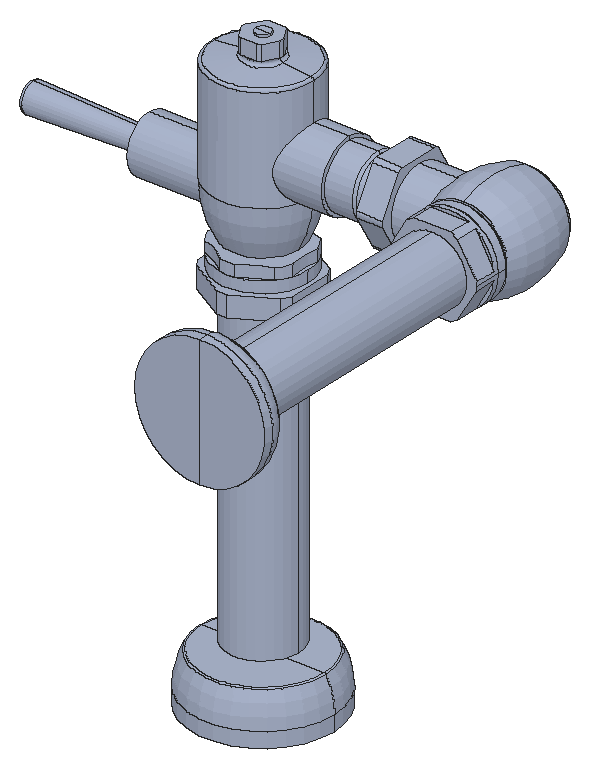
Revit family "EDE-GRF-INS- Fluxómetro Briggs Premium Inodoro", category Aparatos sanitarios, Revit 2019
Family settings
  Anfitrión = Muro
  Cota de conector redondo = Diámetro de uso
  Tipo de pieza = Normal
  Número OmniClass = 23.45.00.00
  Título OmniClass = Sanitary, Laundry, and Cleaning Equipment
  Siempre vertical = Sí
  Corte con vacíos al cargar = No
  Compartido = No
  Punto de cálculo de habitación = No
Parameters (values of type "Fluxómetro Briggs Premium Inodoro")
  _EDESA_ Materiales = "Latón"
  _EDESA_ Garantía = "De por vida para el cuerpo principal y acabado en cromo (306)"
  _EDESA_ Cumple normativa ADA = ""
  _EDESA_ Conexión hidráulica = "Entrada de agua: tubería ø 1\""
  _EDESA_ Tipo de instalación = "Entrada superior de inodoro"
  _EDESA_ Sku/código = "SG0075803061CW"
  _EDESA_ Manual de Instalación = "https://www.briggs.com.ec/productos/instructivos/Briggs/Griferia/Fluxometro_Briggs_premium.pdf"
  _EDESA_ Profundidad en cm = "23.8"
  _EDESA_ Productos necesarios para instalación = ""
  _EDESA_ Productos incluídos = "Cobertor para la pared y spud"
  _EDESA_ Peso en kg = "15.3 kg"
  _EDESA_ Nombre = "Fluxómetro Briggs Premium Inodoro"
  _EDESA_ Distancia de instalación en cm (muro terminado) = ""
  _EDESA_ Descripción = "Fluxómetro para tazas de entrada superior, de gran duración y cierre hermético, resistentes para lugares de alto tráfico."
  _EDESA_ Contacto comercial = "(02) 395 2900"
  _EDESA_ Consumo/capacidad de agua en L = "4.8 litros por descarga"
  _EDESA_ Color = "cromo"
  _EDESA_ Certificación = "Cumple con la norma ASME A112.1037 - 2015 / CSA B125.37-15 Performance requirements for pressurized flushing devices for plumbing fixtures."
  _EDESA_ Categoría = "Productos > Grifería > Institucional"
  _EDESA_ BIM Manager = "Arq. Milton Ruano"
  _EDESA_ Autor BIM = "www.bimplus.com.ec (bimplus.arquitectura.integrada@gmail.com)"
  _EDESA_ Ancho en cm = "28.2"
  _EDESA_ Alto en cm = "36"
  _ALT_Eje = 0.75 m
  URL = "https://www.briggs.com.ec/productos/fichastecnicaspdf/Briggs/Institucional/Fluxometro_Briggs_premium_inodoro.pdf"
  Modelo = "Fluxómetro Briggs Premium Inodoro"
  Fabricante = "BRIGGS ECUADOR"
Reference planes (m)
  plane 1: y = 0
  plane 2 "Centro (Izquierda/Derecha)": x = 0.125
  plane 3 "Posterior": y = 0.18
  plane 4 "_RP_Eje ubicación": z = 0.854659
  plane 5 "_RP_Eje ubicación3": z = 1.630936
  plane 6 "_RP_Eje ubicación7": z = 0.75
  plane 7 "_RP_Eje ubicación8": z = 0.495341
Text (m)
  text "Cara de colocación" at (-1.787139, 0.59235, 0), in view "Nivel de referencia"
  text "Cara de colocación" at (0, 1.827695, 2.917686), in view "Izquierda"
  text "Cara de colocación" at (0, 0.562268, 3.853606), in view "Derecha"
Dimensions and locks (m)
  locked: plane 3 "Posterior" to host wall at 0
  "_ALT_Eje": plane 6 "_RP_Eje ubicación7" to level
  nested 1 to level = 0.5315 m
  aligned and locked: nested 1 to plane 2 "Centro (Izquierda/Derecha)"
  aligned and locked: nested 1 to plane 3 "Posterior"
Nested families (m)
  nested 1: "Fluxómetro Briggs inodoro" at (0.125, 0.37605, 0.8) x (-1, 0, 0) z (0, 0, 1), type "Fluxómetro Briggs inodoro"
Connectors (m)
  piping at (0.125, 0.18, 0.8), diameter 0.0254
    settings: on nested 1, index 1, connector inside diameter 609.6 mm, connector length 0.00 m, flow factor 0, pipe flow 0.2 L/s, pressure drop 0.0 Pa, fitting loss kfactor 0, connector angle 0.00°, fixture units 0, engagement length 0.00 m, angle of deflection 0.00°, flow configuration 0, flow direction 1, fitting loss method 2, system type 7, joint type 0, gender type 0, connector reference index -1, connector utility 0, adjustable connector no, is connector primary yes, connector description ""
Definition of nested family "Fluxómetro Briggs inodoro"
  Reference planes (m)
    plane 1 "Centro (Frontal/Posterior)": y = 0
    plane 2: z = 0
    plane 3 "Centro (Izquierda/Derecha)": x = 0
    plane 4 "_eje1": x = 0.1233
  Forms (m)
    Revolve 1, solid
      sketch origin (0, 0, 0) x (0, 1, 0) y (0, 0, 1)
        loop
          line (0.19605, 0) -> (0.19605, 0.03475) -> (0.19105, 0.03475)
          arc (0.19105, 0.03475) -> (0.187135, 0.034103) -> (0.183636, 0.03223) r 0.012167
          arc (0.183636, 0.03223) -> (0.183204, 0.031704) -> (0.18305, 0.031041) r 0.0015
          line (0.18305, 0.031041) -> (0.18305, 0.018) -> (0.04105, 0.018) -> (0.04105, 0) -> (0.19605, 0)
        loop
          line (-0.020654, 0.023498) -> (-0.020654, 0.022498) -> (-0.02365, 0.02125) -> (-0.02365, 0) -> (0.02205, 0) -> (0.02205, 0.021)
          arc (0.02205, 0.021) -> (0.020989, 0.021439) -> (0.02055, 0.0225) r 0.0015
          line (0.02055, 0.0225) -> (0.02055, 0.0235)
          arc (0.02055, 0.0235) -> (-0.000052, 0.0275) -> (-0.020654, 0.023498) r 0.055045
        axis (0.19605, 0) -> (-0.02365, 0)
      angle from 0 to 360
    Revolve 2, solid
      sketch origin (0, 0, 0) x (1, 0, 0) y (0, 0, 1)
        loop
          line (0.1233, -0.2685) -> (0.1233, -0.2425) -> (0.090631, -0.2425)
          arc (0.090631, -0.2425) -> (0.090125, -0.242637) -> (0.089758, -0.243012) r 0.001
          arc (0.089758, -0.243012) -> (0.086358, -0.251464) -> (0.0852, -0.2605) r 0.035827
          line (0.0852, -0.2605) -> (0.0852, -0.2685) -> (0.1233, -0.2685)
        loop
          line (0.1043, -0.0722) -> (0.1043, -0.2375) -> (0.1233, -0.2375) -> (0.1233, -0.0722) -> (0.1043, -0.0722)
        loop
          arc (0.0963, -0.017) -> (0.098274, -0.031465) -> (0.10405, -0.044874) r 0.054
          line (0.10405, -0.044874) -> (0.1233, -0.044874) -> (0.1233, 0.043911) -> (0.113126, 0.043911)
          arc (0.113126, 0.043911) -> (0.114111, 0.042243) -> (0.112629, 0.040995) r 0.0015
          arc (0.112629, 0.040995) -> (0.105173, 0.04026) -> (0.097708, 0.03963) r 0.537308
          arc (0.097708, 0.03963) -> (0.096724, 0.039155) -> (0.096324, 0.038137) r 0.0015
          line (0.096324, 0.038137) -> (0.096222, -0.0169)
        loop
          line (0.1233, 0.047263) -> (0.1233, 0.052788) -> (0.119384, 0.052788) -> (0.119384, 0.047263) -> (0.1233, 0.047263)
        axis (0.1233, 0.052788) -> (0.1233, -0.2685)
      angle from 0 to 360
    Revolve 3, solid
      sketch origin (0, 0, 0) x (1, 0, 0) y (0, 0, 1)
        loop
          line (0.0773, 0.0185) -> (0.0773, 0.01675) -> (0.062, 0.01675) -> (0.061, 0.01575) -> (0.06, 0.01675) -> (0.057, 0.01675) -> (0.056, 0.01575) -> (0.055, 0.01675) -> (0.054001, 0.01675) -> (0.054001, 0) -> (0.1233, 0) -> (0.1233, 0.0185) -> (0.0773, 0.0185)
        loop
          line (0, 0) -> (0.04, 0) -> (0.04, 0.0191) -> (0, 0.0191) -> (0, 0)
        axis (0, 0) -> (0.1233, 0)
      angle from 0 to 360
    Revolve 4, solid
      sketch origin (0, 0, 0) x (1, 0, 0) y (0, 0, 1)
        loop
          line (0.247435, -0.022) -> (0.1233, -0.022) -> (0.1233, -0.037) -> (0.1837, -0.037) -> (0.1837, -0.030727)
          arc (0.1837, -0.030727) -> (0.186158, -0.029701) -> (0.188208, -0.028) r 0.009
          line (0.188208, -0.028) -> (0.24537, -0.029865)
          arc (0.24537, -0.029865) -> (0.246826, -0.029303) -> (0.247435, -0.027866) r 0.002
          line (0.247435, -0.027866) -> (0.247435, -0.022)
        axis (0.1233, -0.022) -> (0.247435, -0.022)
      angle from 0 to 360
    Extrusion 5, solid
      sketch origin (0, 0, 0) x (1, 0, 0) y (0, 1, 0)
        loop
          line (0.129386, 0.008235) -> (0.127373, 0.0094) -> (0.119227, 0.0094) -> (0.117214, 0.008235)
          arc (0.117214, 0.008235) -> (0.115184, 0.004691) -> (0.11313, 0.001161) r 0.61814
          line (0.11313, 0.001161) -> (0.11313, -0.001161)
          arc (0.11313, -0.001161) -> (0.115184, -0.004691) -> (0.117214, -0.008235) r 0.61814
          line (0.117214, -0.008235) -> (0.119227, -0.0094) -> (0.127373, -0.0094) -> (0.129386, -0.008235)
          arc (0.129386, -0.008235) -> (0.131416, -0.004691) -> (0.13347, -0.001161) r 0.61814
          line (0.13347, -0.001161) -> (0.13347, 0.001161)
          arc (0.13347, 0.001161) -> (0.131416, 0.004691) -> (0.129386, 0.008235) r 0.61814
      from 0.04389 to 0.051975
    Extrusion 6, void
      sketch origin (0, 0, 0) x (1, 0, 0) y (0, 1, 0)
        loop
          arc (0.100649, -0.008328) -> (0.101536, 0) -> (0.100649, 0.008328) r 0.039536
          line (0.100649, 0.008328) -> (0.095481, 0.008328) -> (0.095481, -0.008328) -> (0.100649, -0.008328)
      from -0.0592 to -0.0471
    Extrusion 7, solid
      sketch origin (0, 0, 0) x (1, 0, 0) y (0, 1, 0)
        loop
          circle (0.1233, 0) r 0.027753
      from -0.0712 to -0.0602
    Extrusion 8, solid
      sketch origin (0, 0, 0) x (1, 0, 0) y (0, 1, 0)
        loop
          circle (0.1233, 0) r 0.024133
      from -0.0531 to -0.0471
    Extrusion 9, void
      sketch origin (0.06165, 0.106781, 0) x (0.5, -0.866025, 0) y (0.866025, 0.5, 0)
        loop
          arc (0.100649, -0.008328) -> (0.101536, 0) -> (0.100649, 0.008328) r 0.039536
          line (0.100649, 0.008328) -> (0.095481, 0.008328) -> (0.095481, -0.008328) -> (0.100649, -0.008328)
      from -0.0592 to -0.0471
    Extrusion 10, void
      sketch origin (0.06165, -0.106781, 0) x (0.5, 0.866025, 0) y (-0.866025, 0.5, 0)
        loop
          arc (0.100649, -0.008328) -> (0.101536, 0) -> (0.100649, 0.008328) r 0.039536
          line (0.100649, 0.008328) -> (0.095481, 0.008328) -> (0.095481, -0.008328) -> (0.100649, -0.008328)
      from -0.0592 to -0.0471
    Extrusion 11, void
      sketch origin (0.18495, -0.106781, 0) x (-0.5, 0.866025, 0) y (-0.866025, -0.5, 0)
        loop
          arc (0.100649, -0.008328) -> (0.101536, 0) -> (0.100649, 0.008328) r 0.039536
          line (0.100649, 0.008328) -> (0.095481, 0.008328) -> (0.095481, -0.008328) -> (0.100649, -0.008328)
      from -0.0592 to -0.0471
    Extrusion 12, void
      sketch origin (0.2466, 0, 0) x (-1, 0, 0) y (0, -1, 0)
        loop
          arc (0.100649, -0.008328) -> (0.101536, 0) -> (0.100649, 0.008328) r 0.039536
          line (0.100649, 0.008328) -> (0.095481, 0.008328) -> (0.095481, -0.008328) -> (0.100649, -0.008328)
      from -0.0592 to -0.0471
    Extrusion 13, void
      sketch origin (0.18495, 0.106781, 0) x (-0.5, -0.866025, 0) y (0.866025, -0.5, 0)
        loop
          arc (0.100649, -0.008328) -> (0.101536, 0) -> (0.100649, 0.008328) r 0.039536
          line (0.100649, 0.008328) -> (0.095481, 0.008328) -> (0.095481, -0.008328) -> (0.100649, -0.008328)
      from -0.0592 to -0.0471
    Extrusion 14, solid
      sketch origin (0, 0, 0) x (1, 0, 0) y (0, 1, 0)
        loop
          circle (0.1233, 0) r 0.024133
      from -0.0592 to -0.0531
    Extrusion 15, void
      sketch origin (0, 0, 0) x (1, 0, 0) y (0, 1, 0)
        loop
          line (0.148537, 0.01457) -> (0.1233, 0.029141) -> (0.098063, 0.01457) -> (0.098063, -0.01457) -> (0.1233, -0.029141) -> (0.148537, -0.01457) -> (0.148537, 0.01457)
        loop
          line (0.1233, 0.034914) -> (0.093063, 0.017457) -> (0.093063, -0.017457) -> (0.1233, -0.034914) -> (0.153537, -0.017457) -> (0.153537, 0.017457) -> (0.1233, 0.034914)
      from -0.0712 to -0.0602
    Extrusion 16, solid
      sketch origin (0, 0, 0) x (0, 1, 0) y (0, 0, 1)
        loop
          line (-0.023925, -0.0015) -> (-0.013262, -0.01997)
          arc (-0.013262, -0.01997) -> (-0.012164, -0.021068) -> (-0.010664, -0.02147) r 0.003
          line (-0.010664, -0.02147) -> (0.010664, -0.02147)
          arc (0.010664, -0.02147) -> (0.012164, -0.021068) -> (0.013262, -0.01997) r 0.003
          line (0.013262, -0.01997) -> (0.023925, -0.0015)
          arc (0.023925, -0.0015) -> (0.024327, 0) -> (0.023925, 0.0015) r 0.003
          line (0.023925, 0.0015) -> (0.013262, 0.01997)
          arc (0.013262, 0.01997) -> (0.012164, 0.021068) -> (0.010664, 0.02147) r 0.003
          line (0.010664, 0.02147) -> (-0.010664, 0.02147)
          arc (-0.010664, 0.02147) -> (-0.012164, 0.021068) -> (-0.013262, 0.01997) r 0.003
          line (-0.013262, 0.01997) -> (-0.023925, 0.0015)
          arc (-0.023925, 0.0015) -> (-0.024327, 0) -> (-0.023925, -0.0015) r 0.003
      from 0.04 to 0.054001
    Extrusion 17, solid
      sketch origin (0, 0, 0) x (1, 0, 0) y (0, 0, 1)
        loop
          circle (0, 0) r 0.0235
      from -0.04105 to -0.027
    Extrusion 18, void
      sketch origin (0, 0, 0) x (1, 0, 0) y (0, 0, 1)
        loop
          line (0.024675, 0) -> (0.012337, 0.021369) -> (-0.012337, 0.021369) -> (-0.024675, 0) -> (-0.012337, -0.021369) -> (0.012337, -0.021369) -> (0.024675, 0)
        loop
          line (-0.01407, 0.024369) -> (-0.028139, 0) -> (-0.01407, -0.024369) -> (0.01407, -0.024369) -> (0.028139, 0) -> (0.01407, 0.024369) -> (-0.01407, 0.024369)
      from -0.04105 to -0.029464
    Extrusion 19, solid
      sketch origin (0, 0, 0) x (1, 0, 0) y (0, 0, 1)
        loop
          circle (0, 0) r 0.0235
      from -0.027 to -0.02205
  Cuts and joins
    Extrusion 6, Extrusion 9, Extrusion 10, Extrusion 11, Extrusion 12, Extrusion 13 cuts Extrusion 8
    joined: Extrusion 8, Extrusion 14
    Extrusion 15 cuts Extrusion 7
    Extrusion 18 cuts Extrusion 17
  Dimensions and locks (m)
    aligned and locked: level to plane 2
  Connectors (m)
    piping at (0, 0.19605, 0), diameter 0.0191
      settings: on Revolve 1, index 1, connector inside diameter 609.6 mm, connector length 0.00 m, flow factor 0, pipe flow 0.0 L/s, pressure drop 0.0 Pa, fitting loss kfactor 0, connector angle 0.00°, fixture units 0, engagement length 0.00 m, angle of deflection 0.00°, flow configuration 0, flow direction 0, fitting loss method 0, system type 7, joint type 0, gender type 0, connector reference index -1, connector utility 0, adjustable connector no, is connector primary yes, connector description ""
